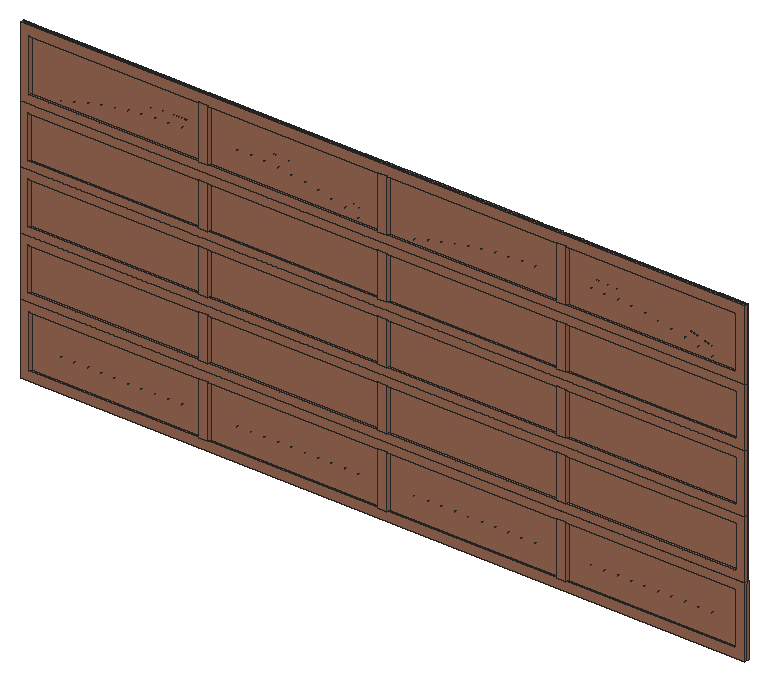
Revit family "GDBL E VERT ARCH ()(Recovery)", category Doors, host Wall, Revit 2013 (continued)
Forms (mm)
  Extrusion 250, void
    sketch origin (-305.849, 300, 2090) x (0, 1, 0) y (1, 0, 0)
      loop
        line (-378.5, -570.639) -> (-375, -574.639) -> (-375, -566.639) -> (-378.5, -570.639)
    from 133.604 to 402
  Extrusion 251, void
    sketch origin (-397.149, 300, 2090) x (0, 1, 0) y (1, 0, 0)
      loop
        line (-378.5, -570.639) -> (-375, -574.639) -> (-375, -566.639) -> (-378.5, -570.639)
    from 130 to 402
  Extrusion 252, void
    sketch origin (334.171, 300, 1688) x (0, 1, 0) y (1, 0, 0)
      loop
        line (-378.5, -2506.784) -> (-375, -2510.784) -> (-375, -2502.784) -> (-378.5, -2506.784)
    from -159.932 to 0
  Sweep 253, void
    path origin (0, -75, 0) x (0, 0, -1) y (-1, 0, 0)
      loop
        line (-1819, 142.5) -> (-171, 142.5) -> (-171, 1062.5) -> (-1959, 1062.5)
        arc (-1959, 1062.5) -> (-1930.46, 596.191) -> (-1819, 142.5) r 2602.226
    profile origin (-142.5, -75, 995) x (0, 1, 0) y (-1, 0, 0)
      loop
        line (0, -5) -> (0, 3) -> (-3.5, -1) -> (0, -5)
  Sweep 254, void
    path origin (0, -75, 0) x (0, 0, -1) y (-1, 0, 0)
      loop
        arc (-1819, 2267.5) -> (-1930.46, 1813.809) -> (-1959, 1347.5) r 2602.226
        line (-1959, 1347.5) -> (-171, 1347.5) -> (-171, 2267.5) -> (-1819, 2267.5)
    profile origin (-2267.5, -75, 995) x (0, 1, 0) y (-1, 0, 0)
      loop
        line (0, 5) -> (-3.5, 1) -> (0, -3) -> (0, 5)
Cuts and joins
  Extrusion 16, Extrusion 17, Extrusion 18, Extrusion 22, Extrusion 27, Extrusion 32, Extrusion 36, Extrusion 37, Extrusion 38, Extrusion 39, Extrusion 40, Extrusion 41, Extrusion 42, Extrusion 43, Extrusion 44, Extrusion 45, Extrusion 46, Extrusion 47, Extrusion 48, Extrusion 49, Extrusion 50, Extrusion 51, Extrusion 52, Extrusion 53, Extrusion 55, Extrusion 60, Sweep 64, Extrusion 65, Extrusion 66, Extrusion 67, Extrusion 68, Extrusion 69, Extrusion 70, Extrusion 71, Extrusion 72, Extrusion 73, Extrusion 74, Extrusion 75, Extrusion 76, Extrusion 77, Extrusion 78, Extrusion 79, Extrusion 80, Extrusion 81, Extrusion 82, Sweep 119, Extrusion 120, Extrusion 121, Extrusion 122, Extrusion 133, Extrusion 139, Extrusion 144, Extrusion 149, Extrusion 154, Extrusion 158, Extrusion 159, Extrusion 160, Extrusion 161, Extrusion 162, Extrusion 163, Extrusion 164, Extrusion 165, Extrusion 166, Extrusion 167, Extrusion 168, Extrusion 169, Extrusion 170, Extrusion 171, Extrusion 172, Extrusion 173, Extrusion 174, Extrusion 175, Extrusion 177, Sweep 253, Sweep 254 cuts Extrusion 14
  Extrusion 16, Extrusion 17, Extrusion 21, Extrusion 26, Extrusion 31, Extrusion 36, Extrusion 37, Extrusion 54, Extrusion 59, Sweep 64, Extrusion 65, Extrusion 66, Extrusion 67, Extrusion 68, Extrusion 69, Extrusion 70, Extrusion 71, Extrusion 72, Extrusion 73, Extrusion 74, Extrusion 75, Extrusion 76, Extrusion 77, Extrusion 78, Extrusion 79, Extrusion 80, Extrusion 81, Extrusion 82, Sweep 119, Extrusion 120, Extrusion 121, Extrusion 122, Extrusion 123, Extrusion 124, Extrusion 125, Extrusion 126, Extrusion 127, Extrusion 128, Extrusion 129, Extrusion 130, Extrusion 131, Extrusion 132, Extrusion 133, Extrusion 134, Extrusion 135, Extrusion 136, Extrusion 137, Extrusion 138, Extrusion 143, Extrusion 148, Extrusion 153, Extrusion 176, Extrusion 235, Extrusion 236, Extrusion 237, Extrusion 238, Extrusion 239, Extrusion 240, Extrusion 241, Extrusion 242, Extrusion 243, Extrusion 244, Extrusion 245, Extrusion 246, Extrusion 247, Extrusion 248, Extrusion 249, Extrusion 250, Extrusion 251, Extrusion 252, Sweep 253, Sweep 254 cuts Extrusion 15
  Extrusion 18, Extrusion 19, Extrusion 23, Extrusion 28, Extrusion 33, Extrusion 37, Extrusion 56, Extrusion 61, Sweep 64, Extrusion 65, Extrusion 66, Extrusion 67, Extrusion 68, Extrusion 69, Extrusion 70, Extrusion 71, Extrusion 72, Extrusion 73, Extrusion 74, Extrusion 75, Extrusion 76, Extrusion 77, Extrusion 78, Extrusion 79, Extrusion 80, Extrusion 81, Extrusion 82, Extrusion 83, Extrusion 84, Extrusion 85, Extrusion 86, Extrusion 87, Extrusion 88, Extrusion 89, Extrusion 90, Extrusion 91, Extrusion 92, Extrusion 93, Extrusion 94, Extrusion 95, Extrusion 96, Extrusion 97, Extrusion 98, Extrusion 99, Extrusion 100, Sweep 119, Extrusion 140, Extrusion 145, Extrusion 150, Extrusion 155, Extrusion 178, Extrusion 181, Extrusion 182, Extrusion 183, Extrusion 184, Extrusion 185, Extrusion 186, Extrusion 187, Extrusion 188, Extrusion 189, Extrusion 190, Extrusion 191, Extrusion 192, Extrusion 193, Extrusion 194, Extrusion 195, Extrusion 196, Extrusion 197, Extrusion 198, Sweep 253, Sweep 254 cuts Extrusion 13
  Extrusion 19, Extrusion 20, Extrusion 24, Extrusion 29, Extrusion 34, Extrusion 57, Extrusion 62, Sweep 64, Extrusion 83, Extrusion 84, Extrusion 85, Extrusion 86, Extrusion 87, Extrusion 88, Extrusion 89, Extrusion 90, Extrusion 91, Extrusion 92, Extrusion 93, Extrusion 94, Extrusion 95, Extrusion 96, Extrusion 97, Extrusion 98, Extrusion 99, Extrusion 100, Extrusion 101, Extrusion 102, Extrusion 103, Extrusion 104, Extrusion 105, Extrusion 106, Extrusion 107, Extrusion 108, Extrusion 109, Extrusion 110, Extrusion 111, Extrusion 112, Extrusion 113, Extrusion 114, Extrusion 115, Extrusion 116, Extrusion 117, Extrusion 118, Sweep 119, Extrusion 141, Extrusion 146, Extrusion 151, Extrusion 156, Extrusion 179, Extrusion 199, Extrusion 200, Extrusion 201, Extrusion 202, Extrusion 203, Extrusion 204, Extrusion 205, Extrusion 206, Extrusion 207, Extrusion 208, Extrusion 209, Extrusion 210, Extrusion 211, Extrusion 212, Extrusion 213, Extrusion 214, Extrusion 215, Extrusion 216, Sweep 253, Sweep 254 cuts Extrusion 12
  Extrusion 20, Extrusion 25, Extrusion 30, Extrusion 35, Extrusion 58, Extrusion 63, Sweep 64, Extrusion 101, Extrusion 102, Extrusion 103, Extrusion 104, Extrusion 105, Extrusion 106, Extrusion 107, Extrusion 108, Extrusion 109, Extrusion 110, Extrusion 111, Extrusion 112, Extrusion 113, Extrusion 114, Extrusion 115, Extrusion 116, Extrusion 117, Extrusion 118, Sweep 119, Extrusion 142, Extrusion 147, Extrusion 152, Extrusion 157, Extrusion 180, Extrusion 217, Extrusion 218, Extrusion 219, Extrusion 220, Extrusion 221, Extrusion 222, Extrusion 223, Extrusion 224, Extrusion 225, Extrusion 226, Extrusion 227, Extrusion 228, Extrusion 229, Extrusion 230, Extrusion 231, Extrusion 232, Extrusion 233, Extrusion 234, Sweep 253, Sweep 254 cuts Extrusion 11
Lines and regions (mm)
  Opening 1
    outline origin (-3050, -75, 0) x (1, 0, 0) y (0, 0, 1)
      loop
        line (610, 0) -> (5490, 0) -> (5490, 2135) -> (610, 2135) -> (610, 0)
  symbolic lines, style "Elevation Swing"
    curve 1: line (-2470, -105, 1688) -> (-2470, -2275, 1688)
    curve 2: line (-2470, -2275, 1688) -> (2470, -2275, 1688)
    curve 3: line (2470, -2275, 1688) -> (2470, -105, 1688)
  reference lines
    curve 4: line (2175.203, -75, 1688) -> (2175.203, -65, 1688)
    curve 5: line (234.797, -75, 1688) -> (234.797, -65, 1688)
    curve 6: line (-2175.203, -75, 1688) -> (-2175.203, -65, 1688)
    curve 7: line (-234.797, -75, 1688) -> (-234.797, -65, 1688)
Text (mm)
  text "Exterior" at (-2295.016, 1099.543, 0), in view "Ref. Level"
  text "Exterior" at (0, 1615.38, 3698.081), in view "Left"
  text "Exterior" at (0, 1036.032, 3874.932), in view "Right"
Dimensions and locks
  equal spacing: plane 3 "Left", plane 2 "Center (Left/Right)", plane 4 "Right"
  "Width": plane 3 "Left" to plane 4 "Right"
  "Height": plane 5 to host wall
  host wall to plane 5 = 2135 mm
  host wall to plane 11 "Garage Top" = 2170 mm
  locked: plane 6 "Exterior" to host wall at 0
  locked: plane 7 "Interior" to host wall
  plane 3 "Left" to plane 4 "Right" = 4880 mm
  plane 10 "Garage Right" to plane 9 "Garage Left" = 4940 mm
  plane 11 "Garage Top" to plane 15 to plane 14 to plane 13 to plane 12 to level = 482 mm, 402 mm, 402 mm, 402 mm, 482 mm
  "Wall Opening": plane 3 "Left" to plane 4 "Right"
  level to plane 12 to plane 13 to plane 14 to plane 15 to plane 11 "Garage Top" = 482 mm, 402 mm, 402 mm, 402 mm, 482 mm
  aligned and locked: plane 3 "Left" to Opening 1 sketch curve
  aligned and locked: plane 5 to Opening 1 sketch curve  (x2)
  aligned and locked: Opening 1 sketch curve to plane 4 "Right"
  aligned and locked: Opening 1 sketch curve to level
  aligned and locked: host wall to plane 1
  aligned and locked: level to Sweep 2 sketch curve
Automatic sketch dimensions
  curve 1 to plane 10 "Garage Right" = 0 mm
  curve 2 to plane 9 "Garage Left" = 0 mm
  host wall to curve 1 = 2200 mm
  host wall to curve 3 = 30 mm
  host wall to curve 1 = 30 mm
  Sweep 1 sketch curve to plane 10 "Garage Right" = 0 mm
  plane 9 "Garage Left" to Sweep 1 sketch curve = 0 mm
  Sweep 1 sketch curve to plane 14 = 0 mm
  Sweep 1 sketch curve to plane 15 = 0 mm
  profile plane to Sweep 1 sketch curve = 0 mm
  plane 7 "Interior" to Sweep 1 sketch curve = 9 mm
  profile plane to Sweep 1 sketch curve = 54 mm
  Sweep 1 sketch curve to Sweep 1 sketch curve = 21 mm
  Sweep 2 sketch curve to plane 10 "Garage Right" = 0 mm
  plane 9 "Garage Left" to Sweep 2 sketch curve = 0 mm
  Sweep 2 sketch curve to plane 12 = 0 mm
  profile plane to Sweep 2 sketch curve = 0 mm
  plane 7 "Interior" to Sweep 2 sketch curve = 9 mm
  Sweep 2 sketch curve to Sweep 2 sketch curve = 60 mm
  Sweep 2 sketch curve to Sweep 2 sketch curve = 21 mm
  Sweep 3 sketch curve to plane 10 "Garage Right" = 0 mm
  plane 9 "Garage Left" to Sweep 3 sketch curve = 0 mm
  Sweep 3 sketch curve to plane 15 = 0 mm
  Sweep 3 sketch curve to plane 11 "Garage Top" = 0 mm
  profile plane to Sweep 3 sketch curve = 0 mm
  plane 7 "Interior" to Sweep 3 sketch curve = 9 mm
  Sweep 3 sketch curve to Sweep 3 sketch curve = 60 mm
  Sweep 3 sketch curve to Sweep 3 sketch curve = 21 mm
  Sweep 4 sketch curve to plane 10 "Garage Right" = 0 mm
  plane 9 "Garage Left" to Sweep 4 sketch curve = 0 mm
  Sweep 4 sketch curve to plane 13 = 0 mm
  Sweep 4 sketch curve to plane 14 = 0 mm
  profile plane to Sweep 4 sketch curve = 0 mm
  plane 7 "Interior" to Sweep 4 sketch curve = 9 mm
  profile plane to Sweep 4 sketch curve = 54 mm
  Sweep 4 sketch curve to Sweep 4 sketch curve = 21 mm
  Sweep 5 sketch curve to plane 10 "Garage Right" = 0 mm
  plane 9 "Garage Left" to Sweep 5 sketch curve = 0 mm
  Sweep 5 sketch curve to plane 12 = 0 mm
  Sweep 5 sketch curve to plane 13 = 0 mm
  profile plane to Sweep 5 sketch curve = 0 mm
  plane 7 "Interior" to Sweep 5 sketch curve = 9 mm
  profile plane to Sweep 5 sketch curve = 54 mm
  Sweep 5 sketch curve to Sweep 5 sketch curve = 21 mm
  host wall to curve 6 = 0 mm
  host wall to curve 7 = 0 mm
  host wall to curve 5 = 0 mm
  host wall to curve 4 = 0 mm
  curve 6 to host wall = 10 mm
  curve 6 to plane 3 "Left" = 264.797 mm
  curve 7 to plane 2 "Center (Left/Right)" = 234.797 mm
  curve 5 to host wall = 10 mm
  plane 18 to curve 5 = 94.797 mm
  curve 4 to host wall = 10 mm
  curve 4 to plane 17 = 94.797 mm
  curve 7 to host wall = 10 mm
  plane 26 to Extrusion 6 sketch curve = 45 mm
  host wall to Extrusion 6 sketch curve = 30 mm  (x2)
  Extrusion 6 sketch curve to plane 26 = 15 mm
  Extrusion 6 sketch curve to plane 2 "Center (Left/Right)" = 30 mm
  host wall to Extrusion 6 sketch curve = 9 mm  (x3)
  plane 2 "Center (Left/Right)" to Extrusion 6 sketch curve = 30 mm
  Extrusion 6 sketch curve to plane 20 = 15 mm
  plane 20 to Extrusion 6 sketch curve = 45 mm
  Extrusion 6 sketch curve to Extrusion 6 sketch curve = 21 mm
  plane 26 to Extrusion 7 sketch curve = 45 mm
  host wall to Extrusion 7 sketch curve = 30 mm  (x2)
  Extrusion 7 sketch curve to plane 26 = 15 mm
  Extrusion 7 sketch curve to plane 2 "Center (Left/Right)" = 30 mm
  host wall to Extrusion 7 sketch curve = 9 mm  (x3)
  plane 2 "Center (Left/Right)" to Extrusion 7 sketch curve = 30 mm
  Extrusion 7 sketch curve to plane 20 = 15 mm
  plane 20 to Extrusion 7 sketch curve = 45 mm
  Extrusion 7 sketch curve to Extrusion 7 sketch curve = 21 mm
  plane 26 to Extrusion 8 sketch curve = 45 mm
  host wall to Extrusion 8 sketch curve = 30 mm  (x2)
  Extrusion 8 sketch curve to plane 26 = 15 mm
  Extrusion 8 sketch curve to plane 2 "Center (Left/Right)" = 30 mm
  host wall to Extrusion 8 sketch curve = 9 mm  (x3)
  plane 2 "Center (Left/Right)" to Extrusion 8 sketch curve = 30 mm
  Extrusion 8 sketch curve to plane 20 = 15 mm
  plane 20 to Extrusion 8 sketch curve = 45 mm
  Extrusion 8 sketch curve to Extrusion 8 sketch curve = 21 mm
  plane 26 to Extrusion 9 sketch curve = 45 mm
  host wall to Extrusion 9 sketch curve = 30 mm  (x2)
  Extrusion 9 sketch curve to plane 26 = 15 mm
  Extrusion 9 sketch curve to plane 2 "Center (Left/Right)" = 30 mm
  host wall to Extrusion 9 sketch curve = 9 mm  (x3)
  plane 2 "Center (Left/Right)" to Extrusion 9 sketch curve = 30 mm
  Extrusion 9 sketch curve to plane 20 = 15 mm
  plane 20 to Extrusion 9 sketch curve = 45 mm
  Extrusion 9 sketch curve to Extrusion 9 sketch curve = 21 mm
  plane 26 to Extrusion 10 sketch curve = 45 mm
  host wall to Extrusion 10 sketch curve = 30 mm  (x2)
  Extrusion 10 sketch curve to plane 26 = 15 mm
  Extrusion 10 sketch curve to plane 2 "Center (Left/Right)" = 30 mm
  host wall to Extrusion 10 sketch curve = 9 mm  (x3)
  plane 2 "Center (Left/Right)" to Extrusion 10 sketch curve = 30 mm
  Extrusion 10 sketch curve to plane 20 = 15 mm
  plane 20 to Extrusion 10 sketch curve = 45 mm
  Extrusion 10 sketch curve to Extrusion 10 sketch curve = 21 mm
  Extrusion 11 sketch curve to plane 10 "Garage Right" = 0 mm
  Extrusion 11 sketch curve to plane 12 = 0 mm
  Extrusion 11 sketch curve to level = 0 mm
  plane 9 "Garage Left" to Extrusion 11 sketch curve = 0 mm
  Extrusion 12 sketch curve to plane 10 "Garage Right" = 0 mm
  Extrusion 12 sketch curve to plane 13 = 0 mm
  plane 9 "Garage Left" to Extrusion 12 sketch curve = 0 mm
  Extrusion 12 sketch curve to plane 12 = 0 mm
  Extrusion 13 sketch curve to plane 10 "Garage Right" = 0 mm
  Extrusion 13 sketch curve to plane 14 = 0 mm
  plane 9 "Garage Left" to Extrusion 13 sketch curve = 0 mm
  Extrusion 13 sketch curve to plane 13 = 0 mm
  Extrusion 14 sketch curve to plane 10 "Garage Right" = 0 mm
  Extrusion 14 sketch curve to plane 15 = 0 mm
  plane 9 "Garage Left" to Extrusion 14 sketch curve = 0 mm
  Extrusion 14 sketch curve to plane 14 = 0 mm
  Extrusion 15 sketch curve to plane 10 "Garage Right" = 0 mm
  Extrusion 15 sketch curve to plane 11 "Garage Top" = 0 mm
  plane 9 "Garage Left" to Extrusion 15 sketch curve = 0 mm
  Extrusion 15 sketch curve to plane 15 = 0 mm
  Extrusion 16 sketch curve to plane 17 = 0 mm
  host wall to Extrusion 16 sketch curve = 0 mm
  plane 17 to Extrusion 16 sketch curve = 2.5 mm
  host wall to Extrusion 16 sketch curve = 2.187 mm
  Extrusion 16 sketch curve to plane 17 = 2.5 mm
  Extrusion 17 sketch curve to plane 17 = 0 mm
  host wall to Extrusion 17 sketch curve = 0 mm
  plane 17 to Extrusion 17 sketch curve = 2.5 mm
  host wall to Extrusion 17 sketch curve = 2.187 mm
  Extrusion 17 sketch curve to plane 17 = 2.5 mm
  Extrusion 18 sketch curve to plane 17 = 0 mm
  host wall to Extrusion 18 sketch curve = 0 mm
  plane 17 to Extrusion 18 sketch curve = 2.5 mm
  host wall to Extrusion 18 sketch curve = 2.187 mm
  Extrusion 18 sketch curve to plane 17 = 2.5 mm
  Extrusion 19 sketch curve to plane 17 = 0 mm
  host wall to Extrusion 19 sketch curve = 0 mm
  plane 17 to Extrusion 19 sketch curve = 2.5 mm
  host wall to Extrusion 19 sketch curve = 2.187 mm
  Extrusion 19 sketch curve to plane 17 = 2.5 mm
  Extrusion 20 sketch curve to plane 17 = 0 mm
  host wall to Extrusion 20 sketch curve = 0 mm
  plane 17 to Extrusion 20 sketch curve = 2.5 mm
  host wall to Extrusion 20 sketch curve = 2.187 mm
  Extrusion 20 sketch curve to plane 17 = 2.5 mm
  Extrusion 21 sketch curve to plane 21 = 0 mm
  host wall to Extrusion 21 sketch curve = 0 mm
  plane 21 to Extrusion 21 sketch curve = 2.5 mm
  host wall to Extrusion 21 sketch curve = 2.187 mm
  Extrusion 21 sketch curve to plane 21 = 2.5 mm
  Extrusion 22 sketch curve to plane 21 = 0 mm
  host wall to Extrusion 22 sketch curve = 0 mm
  plane 21 to Extrusion 22 sketch curve = 2.5 mm
  host wall to Extrusion 22 sketch curve = 2.187 mm
  Extrusion 22 sketch curve to plane 21 = 2.5 mm
  Extrusion 23 sketch curve to plane 21 = 0 mm
  host wall to Extrusion 23 sketch curve = 0 mm
  plane 21 to Extrusion 23 sketch curve = 2.5 mm
  host wall to Extrusion 23 sketch curve = 2.187 mm
  Extrusion 23 sketch curve to plane 21 = 2.5 mm
  Extrusion 24 sketch curve to plane 21 = 0 mm
  host wall to Extrusion 24 sketch curve = 0 mm
  plane 21 to Extrusion 24 sketch curve = 2.5 mm
  host wall to Extrusion 24 sketch curve = 2.187 mm
  Extrusion 24 sketch curve to plane 21 = 2.5 mm
  Extrusion 25 sketch curve to plane 21 = 0 mm
  host wall to Extrusion 25 sketch curve = 0 mm
  plane 21 to Extrusion 25 sketch curve = 2.5 mm
  host wall to Extrusion 25 sketch curve = 2.187 mm
  Extrusion 25 sketch curve to plane 21 = 2.5 mm
  Extrusion 26 sketch curve to plane 20 = 0 mm
  host wall to Extrusion 26 sketch curve = 0 mm
  plane 20 to Extrusion 26 sketch curve = 2.5 mm
  host wall to Extrusion 26 sketch curve = 2.187 mm
  Extrusion 26 sketch curve to plane 20 = 2.5 mm
  Extrusion 27 sketch curve to plane 20 = 0 mm
  host wall to Extrusion 27 sketch curve = 0 mm
  plane 20 to Extrusion 27 sketch curve = 2.5 mm
  host wall to Extrusion 27 sketch curve = 2.187 mm
  Extrusion 27 sketch curve to plane 20 = 2.5 mm
  Extrusion 28 sketch curve to plane 20 = 0 mm
  host wall to Extrusion 28 sketch curve = 0 mm
  plane 20 to Extrusion 28 sketch curve = 2.5 mm
  host wall to Extrusion 28 sketch curve = 2.187 mm
  Extrusion 28 sketch curve to plane 20 = 2.5 mm
  Extrusion 29 sketch curve to plane 20 = 0 mm
  host wall to Extrusion 29 sketch curve = 0 mm
  plane 20 to Extrusion 29 sketch curve = 2.5 mm
  host wall to Extrusion 29 sketch curve = 2.187 mm
  Extrusion 29 sketch curve to plane 20 = 2.5 mm
  Extrusion 30 sketch curve to plane 20 = 0 mm
  host wall to Extrusion 30 sketch curve = 0 mm
  plane 20 to Extrusion 30 sketch curve = 2.5 mm
  host wall to Extrusion 30 sketch curve = 2.187 mm
  Extrusion 30 sketch curve to plane 20 = 2.5 mm
  Extrusion 31 sketch curve to plane 22 = 0 mm
  host wall to Extrusion 31 sketch curve = 0 mm
  plane 22 to Extrusion 31 sketch curve = 2.5 mm
  host wall to Extrusion 31 sketch curve = 2.187 mm
  Extrusion 31 sketch curve to plane 22 = 2.5 mm
  Extrusion 32 sketch curve to plane 22 = 0 mm
  host wall to Extrusion 32 sketch curve = 0 mm
  plane 22 to Extrusion 32 sketch curve = 2.5 mm
  host wall to Extrusion 32 sketch curve = 2.187 mm
  Extrusion 32 sketch curve to plane 22 = 2.5 mm
  Extrusion 33 sketch curve to plane 22 = 0 mm
  host wall to Extrusion 33 sketch curve = 0 mm
  plane 22 to Extrusion 33 sketch curve = 2.5 mm
  host wall to Extrusion 33 sketch curve = 2.187 mm
  Extrusion 33 sketch curve to plane 22 = 2.5 mm
  Extrusion 34 sketch curve to plane 22 = 0 mm
  host wall to Extrusion 34 sketch curve = 0 mm
  plane 22 to Extrusion 34 sketch curve = 2.5 mm
  host wall to Extrusion 34 sketch curve = 2.187 mm
  Extrusion 34 sketch curve to plane 22 = 2.5 mm
  Extrusion 35 sketch curve to plane 22 = 0 mm
  host wall to Extrusion 35 sketch curve = 0 mm
  plane 22 to Extrusion 35 sketch curve = 2.5 mm
  host wall to Extrusion 35 sketch curve = 2.187 mm
  Extrusion 35 sketch curve to plane 22 = 2.5 mm
  host wall to Extrusion 36 sketch curve = 0 mm
  Extrusion 36 sketch curve to plane 17 = 93.387 mm
  host wall to Extrusion 36 sketch curve = 3.5 mm
  Extrusion 36 sketch curve to Extrusion 36 sketch curve = 4 mm  (x2)
  host wall to Extrusion 37 sketch curve = 0 mm
  Extrusion 37 sketch curve to plane 17 = 184.687 mm
  host wall to Extrusion 37 sketch curve = 3.5 mm
  Extrusion 37 sketch curve to Extrusion 37 sketch curve = 4 mm  (x2)
  host wall to Extrusion 38 sketch curve = 0 mm
  Extrusion 38 sketch curve to plane 17 = 275.987 mm
  host wall to Extrusion 38 sketch curve = 3.5 mm
  Extrusion 38 sketch curve to Extrusion 38 sketch curve = 4 mm  (x2)
  host wall to Extrusion 39 sketch curve = 0 mm
  Extrusion 39 sketch curve to plane 17 = 367.287 mm
  host wall to Extrusion 39 sketch curve = 3.5 mm
  Extrusion 39 sketch curve to Extrusion 39 sketch curve = 4 mm  (x2)
  host wall to Extrusion 40 sketch curve = 0 mm
  Extrusion 40 sketch curve to plane 17 = 458.587 mm
  host wall to Extrusion 40 sketch curve = 3.5 mm
  Extrusion 40 sketch curve to Extrusion 40 sketch curve = 4 mm  (x2)
  host wall to Extrusion 41 sketch curve = 0 mm
  plane 21 to Extrusion 41 sketch curve = 375.113 mm
  host wall to Extrusion 41 sketch curve = 3.5 mm
  Extrusion 41 sketch curve to Extrusion 41 sketch curve = 4 mm  (x2)
  host wall to Extrusion 42 sketch curve = 0 mm
  plane 21 to Extrusion 42 sketch curve = 283.813 mm
  host wall to Extrusion 42 sketch curve = 3.5 mm
  Extrusion 42 sketch curve to Extrusion 42 sketch curve = 4 mm  (x2)
  host wall to Extrusion 43 sketch curve = 0 mm
  plane 21 to Extrusion 43 sketch curve = 192.513 mm
  host wall to Extrusion 43 sketch curve = 3.5 mm
  Extrusion 43 sketch curve to Extrusion 43 sketch curve = 4 mm  (x2)
  host wall to Extrusion 44 sketch curve = 0 mm
  plane 21 to Extrusion 44 sketch curve = 101.213 mm
  host wall to Extrusion 44 sketch curve = 3.5 mm
  Extrusion 44 sketch curve to Extrusion 44 sketch curve = 4 mm  (x2)
  host wall to Extrusion 45 sketch curve = 0 mm
  Extrusion 45 sketch curve to plane 22 = 93.212 mm
  host wall to Extrusion 45 sketch curve = 3.5 mm
  Extrusion 45 sketch curve to Extrusion 45 sketch curve = 4 mm  (x2)
  host wall to Extrusion 46 sketch curve = 0 mm
  Extrusion 46 sketch curve to plane 22 = 184.512 mm
  host wall to Extrusion 46 sketch curve = 3.5 mm
  Extrusion 46 sketch curve to Extrusion 46 sketch curve = 4 mm  (x2)
  host wall to Extrusion 47 sketch curve = 0 mm
  Extrusion 47 sketch curve to plane 22 = 275.812 mm
  host wall to Extrusion 47 sketch curve = 3.5 mm
  Extrusion 47 sketch curve to Extrusion 47 sketch curve = 4 mm  (x2)
  host wall to Extrusion 48 sketch curve = 0 mm
  Extrusion 48 sketch curve to plane 22 = 367.112 mm
  host wall to Extrusion 48 sketch curve = 3.5 mm
  Extrusion 48 sketch curve to Extrusion 48 sketch curve = 4 mm  (x2)
  host wall to Extrusion 49 sketch curve = 0 mm
  Extrusion 49 sketch curve to plane 22 = 458.412 mm
  host wall to Extrusion 49 sketch curve = 3.5 mm
  Extrusion 49 sketch curve to Extrusion 49 sketch curve = 4 mm  (x2)
  host wall to Extrusion 50 sketch curve = 0 mm
  plane 18 to Extrusion 50 sketch curve = 375.288 mm
  host wall to Extrusion 50 sketch curve = 3.5 mm
  Extrusion 50 sketch curve to Extrusion 50 sketch curve = 4 mm  (x2)
  host wall to Extrusion 51 sketch curve = 0 mm
  plane 18 to Extrusion 51 sketch curve = 283.988 mm
  host wall to Extrusion 51 sketch curve = 3.5 mm
  Extrusion 51 sketch curve to Extrusion 51 sketch curve = 4 mm  (x2)
  host wall to Extrusion 52 sketch curve = 0 mm
  plane 18 to Extrusion 52 sketch curve = 192.688 mm
  host wall to Extrusion 52 sketch curve = 3.5 mm
  Extrusion 52 sketch curve to Extrusion 52 sketch curve = 4 mm  (x2)
  host wall to Extrusion 53 sketch curve = 0 mm
  plane 18 to Extrusion 53 sketch curve = 101.388 mm
  host wall to Extrusion 53 sketch curve = 3.5 mm
  Extrusion 53 sketch curve to Extrusion 53 sketch curve = 4 mm  (x2)
  Extrusion 54 sketch curve to plane 18 = 0 mm
  host wall to Extrusion 54 sketch curve = 0 mm
  plane 18 to Extrusion 54 sketch curve = 2.5 mm
  host wall to Extrusion 54 sketch curve = 2.187 mm
  Extrusion 54 sketch curve to plane 18 = 2.5 mm
  Extrusion 55 sketch curve to plane 18 = 0 mm
  host wall to Extrusion 55 sketch curve = 0 mm
  plane 18 to Extrusion 55 sketch curve = 2.5 mm
  host wall to Extrusion 55 sketch curve = 2.187 mm
  Extrusion 55 sketch curve to plane 18 = 2.5 mm
  Extrusion 56 sketch curve to plane 18 = 0 mm
  host wall to Extrusion 56 sketch curve = 0 mm
  plane 18 to Extrusion 56 sketch curve = 2.5 mm
  host wall to Extrusion 56 sketch curve = 2.187 mm
  Extrusion 56 sketch curve to plane 18 = 2.5 mm
  Extrusion 57 sketch curve to plane 18 = 0 mm
  host wall to Extrusion 57 sketch curve = 0 mm
  plane 18 to Extrusion 57 sketch curve = 2.5 mm
  host wall to Extrusion 57 sketch curve = 2.187 mm
  Extrusion 57 sketch curve to plane 18 = 2.5 mm
  Extrusion 58 sketch curve to plane 18 = 0 mm
  host wall to Extrusion 58 sketch curve = 0 mm
  plane 18 to Extrusion 58 sketch curve = 2.5 mm
  host wall to Extrusion 58 sketch curve = 2.187 mm
  Extrusion 58 sketch curve to plane 18 = 2.5 mm
  Extrusion 59 sketch curve to plane 2 "Center (Left/Right)" = 0 mm
  host wall to Extrusion 59 sketch curve = 0 mm
  plane 2 "Center (Left/Right)" to Extrusion 59 sketch curve = 2.5 mm
  host wall to Extrusion 59 sketch curve = 2.187 mm
  Extrusion 59 sketch curve to plane 2 "Center (Left/Right)" = 2.5 mm
  Extrusion 60 sketch curve to plane 2 "Center (Left/Right)" = 0 mm
  host wall to Extrusion 60 sketch curve = 0 mm
  plane 2 "Center (Left/Right)" to Extrusion 60 sketch curve = 2.5 mm
  host wall to Extrusion 60 sketch curve = 2.187 mm
  Extrusion 60 sketch curve to plane 2 "Center (Left/Right)" = 2.5 mm
  Extrusion 61 sketch curve to plane 2 "Center (Left/Right)" = 0 mm
  host wall to Extrusion 61 sketch curve = 0 mm
  plane 2 "Center (Left/Right)" to Extrusion 61 sketch curve = 2.5 mm
  host wall to Extrusion 61 sketch curve = 2.187 mm
  Extrusion 61 sketch curve to plane 2 "Center (Left/Right)" = 2.5 mm
  Extrusion 62 sketch curve to plane 2 "Center (Left/Right)" = 0 mm
  host wall to Extrusion 62 sketch curve = 0 mm
  plane 2 "Center (Left/Right)" to Extrusion 62 sketch curve = 2.5 mm
  host wall to Extrusion 62 sketch curve = 2.187 mm
  Extrusion 62 sketch curve to plane 2 "Center (Left/Right)" = 2.5 mm
  Extrusion 63 sketch curve to plane 2 "Center (Left/Right)" = 0 mm
  host wall to Extrusion 63 sketch curve = 0 mm
  plane 2 "Center (Left/Right)" to Extrusion 63 sketch curve = 2.5 mm
  host wall to Extrusion 63 sketch curve = 2.187 mm
  Extrusion 63 sketch curve to plane 2 "Center (Left/Right)" = 2.5 mm
  Sweep 64 sketch curve to plane 25 = 1 mm
  Sweep 64 sketch curve to plane 17 = 2.5 mm
  Sweep 64 sketch curve to plane 24 = 1 mm
  plane 19 to Sweep 64 sketch curve = 1 mm
  plane 21 to Sweep 64 sketch curve = 56.443 mm
  Sweep 64 sketch curve to level = 779.372 mm
  Sweep 64 sketch curve to plane 16 "Front Garage" = 0 mm
  profile plane to Sweep 64 sketch curve = 5 mm
  profile plane to Sweep 64 sketch curve = 1 mm
  Sweep 64 sketch curve to plane 16 "Front Garage" = 3.5 mm
  Sweep 64 sketch curve to profile plane = 3 mm
  host wall to Extrusion 65 sketch curve = 0 mm
  Extrusion 65 sketch curve to plane 17 = 93.387 mm
  host wall to Extrusion 65 sketch curve = 3.5 mm
  Extrusion 65 sketch curve to Extrusion 65 sketch curve = 4 mm  (x2)
  host wall to Extrusion 66 sketch curve = 0 mm
  Extrusion 66 sketch curve to plane 17 = 184.687 mm
  host wall to Extrusion 66 sketch curve = 3.5 mm
  Extrusion 66 sketch curve to Extrusion 66 sketch curve = 4 mm  (x2)
  host wall to Extrusion 67 sketch curve = 0 mm
  Extrusion 67 sketch curve to plane 17 = 275.987 mm
  host wall to Extrusion 67 sketch curve = 3.5 mm
  Extrusion 67 sketch curve to Extrusion 67 sketch curve = 4 mm  (x2)
  host wall to Extrusion 68 sketch curve = 0 mm
  Extrusion 68 sketch curve to plane 17 = 367.287 mm
  host wall to Extrusion 68 sketch curve = 3.5 mm
  Extrusion 68 sketch curve to Extrusion 68 sketch curve = 4 mm  (x2)
  host wall to Extrusion 69 sketch curve = 0 mm
  Extrusion 69 sketch curve to plane 17 = 458.587 mm
  host wall to Extrusion 69 sketch curve = 3.5 mm
  Extrusion 69 sketch curve to Extrusion 69 sketch curve = 4 mm  (x2)
  host wall to Extrusion 70 sketch curve = 0 mm
  plane 21 to Extrusion 70 sketch curve = 375.113 mm
  host wall to Extrusion 70 sketch curve = 3.5 mm
  Extrusion 70 sketch curve to Extrusion 70 sketch curve = 4 mm  (x2)
  host wall to Extrusion 71 sketch curve = 0 mm
  plane 21 to Extrusion 71 sketch curve = 283.813 mm
  host wall to Extrusion 71 sketch curve = 3.5 mm
  Extrusion 71 sketch curve to Extrusion 71 sketch curve = 4 mm  (x2)
  host wall to Extrusion 72 sketch curve = 0 mm
  plane 21 to Extrusion 72 sketch curve = 192.513 mm
  host wall to Extrusion 72 sketch curve = 3.5 mm
  Extrusion 72 sketch curve to Extrusion 72 sketch curve = 4 mm  (x2)
  host wall to Extrusion 73 sketch curve = 0 mm
  plane 21 to Extrusion 73 sketch curve = 101.213 mm
  host wall to Extrusion 73 sketch curve = 3.5 mm
  Extrusion 73 sketch curve to Extrusion 73 sketch curve = 4 mm  (x2)
  host wall to Extrusion 74 sketch curve = 0 mm
  Extrusion 74 sketch curve to plane 22 = 93.212 mm
  host wall to Extrusion 74 sketch curve = 3.5 mm
  Extrusion 74 sketch curve to Extrusion 74 sketch curve = 4 mm  (x2)
  host wall to Extrusion 75 sketch curve = 0 mm
  Extrusion 75 sketch curve to plane 22 = 184.512 mm
  host wall to Extrusion 75 sketch curve = 3.5 mm
  Extrusion 75 sketch curve to Extrusion 75 sketch curve = 4 mm  (x2)
  host wall to Extrusion 76 sketch curve = 0 mm
  Extrusion 76 sketch curve to plane 22 = 275.812 mm
  host wall to Extrusion 76 sketch curve = 3.5 mm
  Extrusion 76 sketch curve to Extrusion 76 sketch curve = 4 mm  (x2)
  host wall to Extrusion 77 sketch curve = 0 mm
  Extrusion 77 sketch curve to plane 22 = 367.112 mm
  host wall to Extrusion 77 sketch curve = 3.5 mm
  Extrusion 77 sketch curve to Extrusion 77 sketch curve = 4 mm  (x2)
  host wall to Extrusion 78 sketch curve = 0 mm
  Extrusion 78 sketch curve to plane 22 = 458.412 mm
  host wall to Extrusion 78 sketch curve = 3.5 mm
  Extrusion 78 sketch curve to Extrusion 78 sketch curve = 4 mm  (x2)
  host wall to Extrusion 79 sketch curve = 0 mm
  plane 18 to Extrusion 79 sketch curve = 375.288 mm
  host wall to Extrusion 79 sketch curve = 3.5 mm
  Extrusion 79 sketch curve to Extrusion 79 sketch curve = 4 mm  (x2)
  host wall to Extrusion 80 sketch curve = 0 mm
  plane 18 to Extrusion 80 sketch curve = 283.988 mm
  host wall to Extrusion 80 sketch curve = 3.5 mm
  Extrusion 80 sketch curve to Extrusion 80 sketch curve = 4 mm  (x2)
  host wall to Extrusion 81 sketch curve = 0 mm
  plane 18 to Extrusion 81 sketch curve = 192.688 mm
  host wall to Extrusion 81 sketch curve = 3.5 mm
  Extrusion 81 sketch curve to Extrusion 81 sketch curve = 4 mm  (x2)
  host wall to Extrusion 82 sketch curve = 0 mm
  plane 18 to Extrusion 82 sketch curve = 101.388 mm
  host wall to Extrusion 82 sketch curve = 3.5 mm
  Extrusion 82 sketch curve to Extrusion 82 sketch curve = 4 mm  (x2)
  host wall to Extrusion 83 sketch curve = 0 mm
  Extrusion 83 sketch curve to plane 17 = 93.387 mm
  host wall to Extrusion 83 sketch curve = 3.5 mm
  Extrusion 83 sketch curve to Extrusion 83 sketch curve = 4 mm  (x2)
  host wall to Extrusion 84 sketch curve = 0 mm
  Extrusion 84 sketch curve to plane 17 = 184.687 mm
  host wall to Extrusion 84 sketch curve = 3.5 mm
  Extrusion 84 sketch curve to Extrusion 84 sketch curve = 4 mm  (x2)
  host wall to Extrusion 85 sketch curve = 0 mm
  Extrusion 85 sketch curve to plane 17 = 275.987 mm
  host wall to Extrusion 85 sketch curve = 3.5 mm
  Extrusion 85 sketch curve to Extrusion 85 sketch curve = 4 mm  (x2)
  host wall to Extrusion 86 sketch curve = 0 mm
  Extrusion 86 sketch curve to plane 17 = 367.287 mm
  host wall to Extrusion 86 sketch curve = 3.5 mm
  Extrusion 86 sketch curve to Extrusion 86 sketch curve = 4 mm  (x2)
  host wall to Extrusion 87 sketch curve = 0 mm
  Extrusion 87 sketch curve to plane 17 = 458.587 mm
  host wall to Extrusion 87 sketch curve = 3.5 mm
  Extrusion 87 sketch curve to Extrusion 87 sketch curve = 4 mm  (x2)
  host wall to Extrusion 88 sketch curve = 0 mm
  plane 21 to Extrusion 88 sketch curve = 375.113 mm
  host wall to Extrusion 88 sketch curve = 3.5 mm
  Extrusion 88 sketch curve to Extrusion 88 sketch curve = 4 mm  (x2)
  host wall to Extrusion 89 sketch curve = 0 mm
  plane 21 to Extrusion 89 sketch curve = 283.813 mm
  host wall to Extrusion 89 sketch curve = 3.5 mm
  Extrusion 89 sketch curve to Extrusion 89 sketch curve = 4 mm  (x2)
  host wall to Extrusion 90 sketch curve = 0 mm
  plane 21 to Extrusion 90 sketch curve = 192.513 mm
  host wall to Extrusion 90 sketch curve = 3.5 mm
  Extrusion 90 sketch curve to Extrusion 90 sketch curve = 4 mm  (x2)
  host wall to Extrusion 91 sketch curve = 0 mm
  plane 21 to Extrusion 91 sketch curve = 101.213 mm
  host wall to Extrusion 91 sketch curve = 3.5 mm
  Extrusion 91 sketch curve to Extrusion 91 sketch curve = 4 mm  (x2)
  host wall to Extrusion 92 sketch curve = 0 mm
  Extrusion 92 sketch curve to plane 22 = 93.212 mm
  host wall to Extrusion 92 sketch curve = 3.5 mm
  Extrusion 92 sketch curve to Extrusion 92 sketch curve = 4 mm  (x2)
  host wall to Extrusion 93 sketch curve = 0 mm
  Extrusion 93 sketch curve to plane 22 = 184.512 mm
  host wall to Extrusion 93 sketch curve = 3.5 mm
  Extrusion 93 sketch curve to Extrusion 93 sketch curve = 4 mm  (x2)
  host wall to Extrusion 94 sketch curve = 0 mm
  Extrusion 94 sketch curve to plane 22 = 275.812 mm
  host wall to Extrusion 94 sketch curve = 3.5 mm
  Extrusion 94 sketch curve to Extrusion 94 sketch curve = 4 mm  (x2)
  host wall to Extrusion 95 sketch curve = 0 mm
  Extrusion 95 sketch curve to plane 22 = 367.112 mm
  host wall to Extrusion 95 sketch curve = 3.5 mm
  Extrusion 95 sketch curve to Extrusion 95 sketch curve = 4 mm  (x2)
  host wall to Extrusion 96 sketch curve = 0 mm
  Extrusion 96 sketch curve to plane 22 = 458.412 mm
  host wall to Extrusion 96 sketch curve = 3.5 mm
  Extrusion 96 sketch curve to Extrusion 96 sketch curve = 4 mm  (x2)
  host wall to Extrusion 97 sketch curve = 0 mm
  plane 18 to Extrusion 97 sketch curve = 375.288 mm
  host wall to Extrusion 97 sketch curve = 3.5 mm
  Extrusion 97 sketch curve to Extrusion 97 sketch curve = 4 mm  (x2)
  host wall to Extrusion 98 sketch curve = 0 mm
  plane 18 to Extrusion 98 sketch curve = 283.988 mm
  host wall to Extrusion 98 sketch curve = 3.5 mm
  Extrusion 98 sketch curve to Extrusion 98 sketch curve = 4 mm  (x2)
  host wall to Extrusion 99 sketch curve = 0 mm
  plane 18 to Extrusion 99 sketch curve = 192.688 mm
  host wall to Extrusion 99 sketch curve = 3.5 mm
  Extrusion 99 sketch curve to Extrusion 99 sketch curve = 4 mm  (x2)
  host wall to Extrusion 100 sketch curve = 0 mm
  plane 18 to Extrusion 100 sketch curve = 101.388 mm
  host wall to Extrusion 100 sketch curve = 3.5 mm
  Extrusion 100 sketch curve to Extrusion 100 sketch curve = 4 mm  (x2)
  host wall to Extrusion 101 sketch curve = 0 mm
  Extrusion 101 sketch curve to plane 17 = 93.387 mm
  host wall to Extrusion 101 sketch curve = 3.5 mm
  Extrusion 101 sketch curve to Extrusion 101 sketch curve = 4 mm  (x2)
  host wall to Extrusion 102 sketch curve = 0 mm
  Extrusion 102 sketch curve to plane 17 = 184.687 mm
  host wall to Extrusion 102 sketch curve = 3.5 mm
  Extrusion 102 sketch curve to Extrusion 102 sketch curve = 4 mm  (x2)
  host wall to Extrusion 103 sketch curve = 0 mm
  Extrusion 103 sketch curve to plane 17 = 275.987 mm
  host wall to Extrusion 103 sketch curve = 3.5 mm
  Extrusion 103 sketch curve to Extrusion 103 sketch curve = 4 mm  (x2)
  host wall to Extrusion 104 sketch curve = 0 mm
  Extrusion 104 sketch curve to plane 17 = 367.287 mm
  host wall to Extrusion 104 sketch curve = 3.5 mm
  Extrusion 104 sketch curve to Extrusion 104 sketch curve = 4 mm  (x2)
  host wall to Extrusion 105 sketch curve = 0 mm
  Extrusion 105 sketch curve to plane 17 = 458.587 mm
  host wall to Extrusion 105 sketch curve = 3.5 mm
  Extrusion 105 sketch curve to Extrusion 105 sketch curve = 4 mm  (x2)
  host wall to Extrusion 106 sketch curve = 0 mm
  plane 21 to Extrusion 106 sketch curve = 375.113 mm
  host wall to Extrusion 106 sketch curve = 3.5 mm
  Extrusion 106 sketch curve to Extrusion 106 sketch curve = 4 mm  (x2)
  host wall to Extrusion 107 sketch curve = 0 mm
  plane 21 to Extrusion 107 sketch curve = 283.813 mm
  host wall to Extrusion 107 sketch curve = 3.5 mm
  Extrusion 107 sketch curve to Extrusion 107 sketch curve = 4 mm  (x2)
  host wall to Extrusion 108 sketch curve = 0 mm
  plane 21 to Extrusion 108 sketch curve = 192.513 mm
  host wall to Extrusion 108 sketch curve = 3.5 mm
  Extrusion 108 sketch curve to Extrusion 108 sketch curve = 4 mm  (x2)
  host wall to Extrusion 109 sketch curve = 0 mm
  plane 21 to Extrusion 109 sketch curve = 101.213 mm
  host wall to Extrusion 109 sketch curve = 3.5 mm
  Extrusion 109 sketch curve to Extrusion 109 sketch curve = 4 mm  (x2)
  host wall to Extrusion 110 sketch curve = 0 mm
  Extrusion 110 sketch curve to plane 22 = 93.212 mm
  host wall to Extrusion 110 sketch curve = 3.5 mm
  Extrusion 110 sketch curve to Extrusion 110 sketch curve = 4 mm  (x2)
  host wall to Extrusion 111 sketch curve = 0 mm
  Extrusion 111 sketch curve to plane 22 = 184.512 mm
  host wall to Extrusion 111 sketch curve = 3.5 mm
  Extrusion 111 sketch curve to Extrusion 111 sketch curve = 4 mm  (x2)
  host wall to Extrusion 112 sketch curve = 0 mm
  Extrusion 112 sketch curve to plane 22 = 275.812 mm
  host wall to Extrusion 112 sketch curve = 3.5 mm
  Extrusion 112 sketch curve to Extrusion 112 sketch curve = 4 mm  (x2)
  host wall to Extrusion 113 sketch curve = 0 mm
  Extrusion 113 sketch curve to plane 22 = 367.112 mm
  host wall to Extrusion 113 sketch curve = 3.5 mm
  Extrusion 113 sketch curve to Extrusion 113 sketch curve = 4 mm  (x2)
  host wall to Extrusion 114 sketch curve = 0 mm
  Extrusion 114 sketch curve to plane 22 = 458.412 mm
  host wall to Extrusion 114 sketch curve = 3.5 mm
  Extrusion 114 sketch curve to Extrusion 114 sketch curve = 4 mm  (x2)
  host wall to Extrusion 115 sketch curve = 0 mm
  plane 18 to Extrusion 115 sketch curve = 375.288 mm
  host wall to Extrusion 115 sketch curve = 3.5 mm
  Extrusion 115 sketch curve to Extrusion 115 sketch curve = 4 mm  (x2)
  host wall to Extrusion 116 sketch curve = 0 mm
  plane 18 to Extrusion 116 sketch curve = 283.988 mm
  host wall to Extrusion 116 sketch curve = 3.5 mm
  Extrusion 116 sketch curve to Extrusion 116 sketch curve = 4 mm  (x2)
  host wall to Extrusion 117 sketch curve = 0 mm
  plane 18 to Extrusion 117 sketch curve = 192.688 mm
  host wall to Extrusion 117 sketch curve = 3.5 mm
  Extrusion 117 sketch curve to Extrusion 117 sketch curve = 4 mm  (x2)
  host wall to Extrusion 118 sketch curve = 0 mm
  plane 18 to Extrusion 118 sketch curve = 101.388 mm
  host wall to Extrusion 118 sketch curve = 3.5 mm
  Extrusion 118 sketch curve to Extrusion 118 sketch curve = 4 mm  (x2)
  Sweep 119 sketch curve to plane 25 = 1 mm
  Sweep 119 sketch curve to plane 22 = 2.5 mm
  Sweep 119 sketch curve to plane 24 = 1 mm
  plane 19 to Sweep 119 sketch curve = 1 mm
  Sweep 119 sketch curve to plane 22 = 21.322 mm
  Sweep 119 sketch curve to level = 1010.169 mm
  Sweep 119 sketch curve to plane 16 "Front Garage" = 0 mm
  profile plane to Sweep 119 sketch curve = 3 mm
  Sweep 119 sketch curve to profile plane = 1 mm
  Sweep 119 sketch curve to plane 16 "Front Garage" = 3.5 mm
  Sweep 119 sketch curve to profile plane = 5 mm
  host wall to Extrusion 120 sketch curve = 0 mm
  Extrusion 120 sketch curve to plane 17 = 93.387 mm
  host wall to Extrusion 120 sketch curve = 3.5 mm
  Extrusion 120 sketch curve to Extrusion 120 sketch curve = 4 mm  (x2)
  host wall to Extrusion 121 sketch curve = 0 mm
  Extrusion 121 sketch curve to plane 17 = 184.687 mm
  host wall to Extrusion 121 sketch curve = 3.5 mm
  Extrusion 121 sketch curve to Extrusion 121 sketch curve = 4 mm  (x2)
  host wall to Extrusion 122 sketch curve = 0 mm
  Extrusion 122 sketch curve to plane 17 = 275.987 mm
  host wall to Extrusion 122 sketch curve = 3.5 mm
  Extrusion 122 sketch curve to Extrusion 122 sketch curve = 4 mm  (x2)
  host wall to Extrusion 123 sketch curve = 0 mm
  Extrusion 123 sketch curve to plane 17 = 367.287 mm
  host wall to Extrusion 123 sketch curve = 3.5 mm
  Extrusion 123 sketch curve to Extrusion 123 sketch curve = 4 mm  (x2)
  host wall to Extrusion 124 sketch curve = 0 mm
  Extrusion 124 sketch curve to plane 17 = 458.587 mm
  host wall to Extrusion 124 sketch curve = 3.5 mm
  Extrusion 124 sketch curve to Extrusion 124 sketch curve = 4 mm  (x2)
  host wall to Extrusion 125 sketch curve = 0 mm
  plane 21 to Extrusion 125 sketch curve = 375.113 mm
  host wall to Extrusion 125 sketch curve = 3.5 mm
  Extrusion 125 sketch curve to Extrusion 125 sketch curve = 4 mm  (x2)
  host wall to Extrusion 126 sketch curve = 0 mm
  plane 21 to Extrusion 126 sketch curve = 283.813 mm
  host wall to Extrusion 126 sketch curve = 3.5 mm
  Extrusion 126 sketch curve to Extrusion 126 sketch curve = 4 mm  (x2)
  host wall to Extrusion 127 sketch curve = 0 mm
  plane 21 to Extrusion 127 sketch curve = 192.513 mm
  host wall to Extrusion 127 sketch curve = 3.5 mm
  Extrusion 127 sketch curve to Extrusion 127 sketch curve = 4 mm  (x2)
  host wall to Extrusion 128 sketch curve = 0 mm
  plane 21 to Extrusion 128 sketch curve = 101.213 mm
  host wall to Extrusion 128 sketch curve = 3.5 mm
  Extrusion 128 sketch curve to Extrusion 128 sketch curve = 4 mm  (x2)
  host wall to Extrusion 129 sketch curve = 0 mm
  Extrusion 129 sketch curve to plane 22 = 192.513 mm
  host wall to Extrusion 129 sketch curve = 3.5 mm
  Extrusion 129 sketch curve to Extrusion 129 sketch curve = 4 mm  (x2)
  host wall to Extrusion 130 sketch curve = 0 mm
  Extrusion 130 sketch curve to plane 22 = 101.213 mm
  host wall to Extrusion 130 sketch curve = 3.5 mm
  Extrusion 130 sketch curve to Extrusion 130 sketch curve = 4 mm  (x2)
  host wall to Extrusion 131 sketch curve = 0 mm
  Extrusion 131 sketch curve to plane 22 = 375.113 mm
  host wall to Extrusion 131 sketch curve = 3.5 mm
  Extrusion 131 sketch curve to Extrusion 131 sketch curve = 4 mm  (x2)
  host wall to Extrusion 132 sketch curve = 0 mm
  Extrusion 132 sketch curve to plane 22 = 283.813 mm
  host wall to Extrusion 132 sketch curve = 3.5 mm
  Extrusion 132 sketch curve to Extrusion 132 sketch curve = 4 mm  (x2)
  host wall to Extrusion 133 sketch curve = 0 mm
  plane 18 to Extrusion 133 sketch curve = 101.388 mm
  host wall to Extrusion 133 sketch curve = 3.5 mm
  Extrusion 133 sketch curve to Extrusion 133 sketch curve = 4 mm  (x2)
  host wall to Extrusion 134 sketch curve = 0 mm
  plane 18 to Extrusion 134 sketch curve = 192.688 mm
  host wall to Extrusion 134 sketch curve = 3.5 mm
  Extrusion 134 sketch curve to Extrusion 134 sketch curve = 4 mm  (x2)
  host wall to Extrusion 135 sketch curve = 0 mm
  plane 18 to Extrusion 135 sketch curve = 283.988 mm
  host wall to Extrusion 135 sketch curve = 3.5 mm
  Extrusion 135 sketch curve to Extrusion 135 sketch curve = 4 mm  (x2)
  host wall to Extrusion 136 sketch curve = 0 mm
  plane 18 to Extrusion 136 sketch curve = 375.288 mm
  host wall to Extrusion 136 sketch curve = 3.5 mm
  Extrusion 136 sketch curve to Extrusion 136 sketch curve = 4 mm  (x2)
  host wall to Extrusion 137 sketch curve = 0 mm
  Extrusion 137 sketch curve to plane 22 = 458.412 mm
  host wall to Extrusion 137 sketch curve = 3.5 mm
  Extrusion 137 sketch curve to Extrusion 137 sketch curve = 4 mm  (x2)
  host wall to Extrusion 138 sketch curve = 0 mm
  Extrusion 138 sketch curve to plane 3 "Left" = 167.5 mm
  host wall to Extrusion 138 sketch curve = 2.187 mm
  Extrusion 138 sketch curve to Extrusion 138 sketch curve = 2.5 mm  (x2)
  host wall to Extrusion 139 sketch curve = 0 mm
  Extrusion 139 sketch curve to plane 3 "Left" = 167.5 mm
  host wall to Extrusion 139 sketch curve = 2.187 mm
  Extrusion 139 sketch curve to Extrusion 139 sketch curve = 2.5 mm  (x2)
  host wall to Extrusion 140 sketch curve = 0 mm
  Extrusion 140 sketch curve to plane 3 "Left" = 167.5 mm
  host wall to Extrusion 140 sketch curve = 2.187 mm
  Extrusion 140 sketch curve to Extrusion 140 sketch curve = 2.5 mm  (x2)
  host wall to Extrusion 141 sketch curve = 0 mm
  Extrusion 141 sketch curve to plane 3 "Left" = 167.5 mm
  host wall to Extrusion 141 sketch curve = 2.187 mm
  Extrusion 141 sketch curve to Extrusion 141 sketch curve = 2.5 mm  (x2)
  host wall to Extrusion 142 sketch curve = 0 mm
  Extrusion 142 sketch curve to plane 3 "Left" = 167.5 mm
  host wall to Extrusion 142 sketch curve = 2.187 mm
  Extrusion 142 sketch curve to Extrusion 142 sketch curve = 2.5 mm  (x2)
  host wall to Extrusion 143 sketch curve = 0 mm
  plane 26 to Extrusion 143 sketch curve = 142.5 mm
  host wall to Extrusion 143 sketch curve = 2.187 mm
  Extrusion 143 sketch curve to Extrusion 143 sketch curve = 2.5 mm  (x2)
  host wall to Extrusion 144 sketch curve = 0 mm
  plane 26 to Extrusion 144 sketch curve = 142.5 mm
  host wall to Extrusion 144 sketch curve = 2.187 mm
  Extrusion 144 sketch curve to Extrusion 144 sketch curve = 2.5 mm  (x2)
  host wall to Extrusion 145 sketch curve = 0 mm
  plane 26 to Extrusion 145 sketch curve = 142.5 mm
  host wall to Extrusion 145 sketch curve = 2.187 mm
  Extrusion 145 sketch curve to Extrusion 145 sketch curve = 2.5 mm  (x2)
  host wall to Extrusion 146 sketch curve = 0 mm
  plane 26 to Extrusion 146 sketch curve = 142.5 mm
  host wall to Extrusion 146 sketch curve = 2.187 mm
  Extrusion 146 sketch curve to Extrusion 146 sketch curve = 2.5 mm  (x2)
  host wall to Extrusion 147 sketch curve = 0 mm
  plane 26 to Extrusion 147 sketch curve = 142.5 mm
  host wall to Extrusion 147 sketch curve = 2.187 mm
  Extrusion 147 sketch curve to Extrusion 147 sketch curve = 2.5 mm  (x2)
  host wall to Extrusion 148 sketch curve = 0 mm
  Extrusion 148 sketch curve to plane 26 = 0 mm
  plane 26 to Extrusion 148 sketch curve = 2.5 mm
  host wall to Extrusion 148 sketch curve = 2.187 mm
  Extrusion 148 sketch curve to plane 26 = 2.5 mm
  host wall to Extrusion 149 sketch curve = 0 mm
  Extrusion 149 sketch curve to plane 26 = 0 mm
  plane 26 to Extrusion 149 sketch curve = 2.5 mm
  host wall to Extrusion 149 sketch curve = 2.187 mm
  Extrusion 149 sketch curve to plane 26 = 2.5 mm
  host wall to Extrusion 150 sketch curve = 0 mm
  Extrusion 150 sketch curve to plane 26 = 0 mm
  plane 26 to Extrusion 150 sketch curve = 2.5 mm
  host wall to Extrusion 150 sketch curve = 2.187 mm
  Extrusion 150 sketch curve to plane 26 = 2.5 mm
  host wall to Extrusion 151 sketch curve = 0 mm
  Extrusion 151 sketch curve to plane 26 = 0 mm
  plane 26 to Extrusion 151 sketch curve = 2.5 mm
  host wall to Extrusion 151 sketch curve = 2.187 mm
  Extrusion 151 sketch curve to plane 26 = 2.5 mm
  host wall to Extrusion 152 sketch curve = 0 mm
  Extrusion 152 sketch curve to plane 26 = 0 mm
  plane 26 to Extrusion 152 sketch curve = 2.5 mm
  host wall to Extrusion 152 sketch curve = 2.187 mm
  Extrusion 152 sketch curve to plane 26 = 2.5 mm
  host wall to Extrusion 153 sketch curve = 0 mm
  Extrusion 153 sketch curve to plane 26 = 137.5 mm
  host wall to Extrusion 153 sketch curve = 2.187 mm
  Extrusion 153 sketch curve to Extrusion 153 sketch curve = 2.5 mm  (x2)
  host wall to Extrusion 154 sketch curve = 0 mm
  Extrusion 154 sketch curve to plane 26 = 137.5 mm
  host wall to Extrusion 154 sketch curve = 2.187 mm
  Extrusion 154 sketch curve to Extrusion 154 sketch curve = 2.5 mm  (x2)
  host wall to Extrusion 155 sketch curve = 0 mm
  Extrusion 155 sketch curve to plane 26 = 137.5 mm
  host wall to Extrusion 155 sketch curve = 2.187 mm
  Extrusion 155 sketch curve to Extrusion 155 sketch curve = 2.5 mm  (x2)
  host wall to Extrusion 156 sketch curve = 0 mm
  Extrusion 156 sketch curve to plane 26 = 137.5 mm
  host wall to Extrusion 156 sketch curve = 2.187 mm
  Extrusion 156 sketch curve to Extrusion 156 sketch curve = 2.5 mm  (x2)
  host wall to Extrusion 157 sketch curve = 0 mm
  Extrusion 157 sketch curve to plane 26 = 137.5 mm
  host wall to Extrusion 157 sketch curve = 2.187 mm
  Extrusion 157 sketch curve to Extrusion 157 sketch curve = 2.5 mm  (x2)
  host wall to Extrusion 158 sketch curve = 0 mm
  Extrusion 158 sketch curve to plane 3 "Left" = 263.387 mm
  host wall to Extrusion 158 sketch curve = 3.5 mm
  Extrusion 158 sketch curve to Extrusion 158 sketch curve = 4 mm  (x2)
  host wall to Extrusion 159 sketch curve = 0 mm
  Extrusion 159 sketch curve to plane 3 "Left" = 354.687 mm
  host wall to Extrusion 159 sketch curve = 3.5 mm
  Extrusion 159 sketch curve to Extrusion 159 sketch curve = 4 mm  (x2)
  host wall to Extrusion 160 sketch curve = 0 mm
  Extrusion 160 sketch curve to plane 3 "Left" = 445.987 mm
  host wall to Extrusion 160 sketch curve = 3.5 mm
  Extrusion 160 sketch curve to Extrusion 160 sketch curve = 4 mm  (x2)
  host wall to Extrusion 161 sketch curve = 0 mm
  Extrusion 161 sketch curve to plane 3 "Left" = 537.287 mm
  host wall to Extrusion 161 sketch curve = 3.5 mm
  Extrusion 161 sketch curve to Extrusion 161 sketch curve = 4 mm  (x2)
  host wall to Extrusion 162 sketch curve = 0 mm
  plane 26 to Extrusion 162 sketch curve = 606.413 mm
  host wall to Extrusion 162 sketch curve = 3.5 mm
  Extrusion 162 sketch curve to Extrusion 162 sketch curve = 4 mm  (x2)
  host wall to Extrusion 163 sketch curve = 0 mm
  plane 26 to Extrusion 163 sketch curve = 515.113 mm
  host wall to Extrusion 163 sketch curve = 3.5 mm
  Extrusion 163 sketch curve to Extrusion 163 sketch curve = 4 mm  (x2)
  host wall to Extrusion 164 sketch curve = 0 mm
  plane 26 to Extrusion 164 sketch curve = 423.813 mm
  host wall to Extrusion 164 sketch curve = 3.5 mm
  Extrusion 164 sketch curve to Extrusion 164 sketch curve = 4 mm  (x2)
  host wall to Extrusion 165 sketch curve = 0 mm
  plane 26 to Extrusion 165 sketch curve = 332.513 mm
  host wall to Extrusion 165 sketch curve = 3.5 mm
  Extrusion 165 sketch curve to Extrusion 165 sketch curve = 4 mm  (x2)
  host wall to Extrusion 166 sketch curve = 0 mm
  plane 26 to Extrusion 166 sketch curve = 241.213 mm
  host wall to Extrusion 166 sketch curve = 3.5 mm
  Extrusion 166 sketch curve to Extrusion 166 sketch curve = 4 mm  (x2)
  host wall to Extrusion 167 sketch curve = 0 mm
  Extrusion 167 sketch curve to plane 26 = 233.212 mm
  host wall to Extrusion 167 sketch curve = 3.5 mm
  Extrusion 167 sketch curve to Extrusion 167 sketch curve = 4 mm  (x2)
  host wall to Extrusion 168 sketch curve = 0 mm
  Extrusion 168 sketch curve to plane 26 = 324.512 mm
  host wall to Extrusion 168 sketch curve = 3.5 mm
  Extrusion 168 sketch curve to Extrusion 168 sketch curve = 4 mm  (x2)
  host wall to Extrusion 169 sketch curve = 0 mm
  Extrusion 169 sketch curve to plane 26 = 415.812 mm
  host wall to Extrusion 169 sketch curve = 3.5 mm
  Extrusion 169 sketch curve to Extrusion 169 sketch curve = 4 mm  (x2)
  host wall to Extrusion 170 sketch curve = 0 mm
  Extrusion 170 sketch curve to plane 26 = 507.112 mm
  host wall to Extrusion 170 sketch curve = 3.5 mm
  Extrusion 170 sketch curve to Extrusion 170 sketch curve = 4 mm  (x2)
  host wall to Extrusion 171 sketch curve = 0 mm
  Extrusion 171 sketch curve to plane 26 = 598.412 mm
  host wall to Extrusion 171 sketch curve = 3.5 mm
  Extrusion 171 sketch curve to Extrusion 171 sketch curve = 4 mm  (x2)
  host wall to Extrusion 172 sketch curve = 0 mm
  Extrusion 172 sketch curve to plane 2 "Center (Left/Right)" = 515.288 mm
  host wall to Extrusion 172 sketch curve = 3.5 mm
  Extrusion 172 sketch curve to Extrusion 172 sketch curve = 4 mm  (x2)
  host wall to Extrusion 173 sketch curve = 0 mm
  Extrusion 173 sketch curve to plane 2 "Center (Left/Right)" = 423.988 mm
  host wall to Extrusion 173 sketch curve = 3.5 mm
  Extrusion 173 sketch curve to Extrusion 173 sketch curve = 4 mm  (x2)
  host wall to Extrusion 174 sketch curve = 0 mm
  Extrusion 174 sketch curve to plane 2 "Center (Left/Right)" = 332.688 mm
  host wall to Extrusion 174 sketch curve = 3.5 mm
  Extrusion 174 sketch curve to Extrusion 174 sketch curve = 4 mm  (x2)
  host wall to Extrusion 175 sketch curve = 0 mm
  Extrusion 175 sketch curve to plane 2 "Center (Left/Right)" = 241.388 mm
  host wall to Extrusion 175 sketch curve = 3.5 mm
  Extrusion 175 sketch curve to Extrusion 175 sketch curve = 4 mm  (x2)
  host wall to Extrusion 176 sketch curve = 0 mm
  Extrusion 176 sketch curve to plane 2 "Center (Left/Right)" = 142.5 mm
  host wall to Extrusion 176 sketch curve = 2.187 mm
  Extrusion 176 sketch curve to Extrusion 176 sketch curve = 2.5 mm  (x2)
  host wall to Extrusion 177 sketch curve = 0 mm
  Extrusion 177 sketch curve to plane 2 "Center (Left/Right)" = 142.5 mm
  host wall to Extrusion 177 sketch curve = 2.187 mm
  Extrusion 177 sketch curve to Extrusion 177 sketch curve = 2.5 mm  (x2)
  host wall to Extrusion 178 sketch curve = 0 mm
  Extrusion 178 sketch curve to plane 2 "Center (Left/Right)" = 142.5 mm
  host wall to Extrusion 178 sketch curve = 2.187 mm
  Extrusion 178 sketch curve to Extrusion 178 sketch curve = 2.5 mm  (x2)
  host wall to Extrusion 179 sketch curve = 0 mm
  Extrusion 179 sketch curve to plane 2 "Center (Left/Right)" = 142.5 mm
  host wall to Extrusion 179 sketch curve = 2.187 mm
  Extrusion 179 sketch curve to Extrusion 179 sketch curve = 2.5 mm  (x2)
  host wall to Extrusion 180 sketch curve = 0 mm
  Extrusion 180 sketch curve to plane 2 "Center (Left/Right)" = 142.5 mm
  host wall to Extrusion 180 sketch curve = 2.187 mm
  Extrusion 180 sketch curve to Extrusion 180 sketch curve = 2.5 mm  (x2)
  host wall to Extrusion 181 sketch curve = 0 mm
  Extrusion 181 sketch curve to plane 3 "Left" = 263.387 mm
  host wall to Extrusion 181 sketch curve = 3.5 mm
  Extrusion 181 sketch curve to Extrusion 181 sketch curve = 4 mm  (x2)
  host wall to Extrusion 182 sketch curve = 0 mm
  Extrusion 182 sketch curve to plane 3 "Left" = 354.687 mm
  host wall to Extrusion 182 sketch curve = 3.5 mm
  Extrusion 182 sketch curve to Extrusion 182 sketch curve = 4 mm  (x2)
  host wall to Extrusion 183 sketch curve = 0 mm
  Extrusion 183 sketch curve to plane 3 "Left" = 445.987 mm
  host wall to Extrusion 183 sketch curve = 3.5 mm
  Extrusion 183 sketch curve to Extrusion 183 sketch curve = 4 mm  (x2)
  host wall to Extrusion 184 sketch curve = 0 mm
  Extrusion 184 sketch curve to plane 3 "Left" = 537.287 mm
  host wall to Extrusion 184 sketch curve = 3.5 mm
  Extrusion 184 sketch curve to Extrusion 184 sketch curve = 4 mm  (x2)
  host wall to Extrusion 185 sketch curve = 0 mm
  plane 26 to Extrusion 185 sketch curve = 606.413 mm
  host wall to Extrusion 185 sketch curve = 3.5 mm
  Extrusion 185 sketch curve to Extrusion 185 sketch curve = 4 mm  (x2)
  host wall to Extrusion 186 sketch curve = 0 mm
  plane 26 to Extrusion 186 sketch curve = 515.113 mm
  host wall to Extrusion 186 sketch curve = 3.5 mm
  Extrusion 186 sketch curve to Extrusion 186 sketch curve = 4 mm  (x2)
  host wall to Extrusion 187 sketch curve = 0 mm
  plane 26 to Extrusion 187 sketch curve = 423.813 mm
  host wall to Extrusion 187 sketch curve = 3.5 mm
  Extrusion 187 sketch curve to Extrusion 187 sketch curve = 4 mm  (x2)
  host wall to Extrusion 188 sketch curve = 0 mm
  plane 26 to Extrusion 188 sketch curve = 332.513 mm
  host wall to Extrusion 188 sketch curve = 3.5 mm
